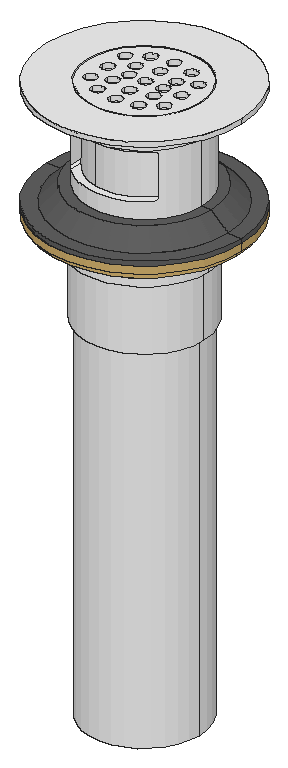
Revit family "Grid_Drain-Sink-American_Standard-Heritage-2411015.002", category Plumbing Fixtures, Revit 2019
Family settings
  Round Connector Dimension = Use Diameter
  Part Type = Normal
  OmniClass Number = 23.70.50.21.24
  OmniClass Title = Waste Water Drains
  Work Plane-Based = Yes
  Always vertical = No
  Cut with Voids When Loaded = No
  Shared = Yes
  Room Calculation Point = No
Parameters (values of type "2411.015")
  Width = 1 1/4"
  Waste Connection = yes
  WFU = 3  # constant formula
  Vent Connection = no
  URL = "https://www.americanstandard.ca/"
  Revised Date = "09/25/2024"
  Product URL = "https://www.americanstandard.ca/mechanical-commercial-fittings/grid-strainer-drain-for-sinks/chrome-2411015002"
  Product Documentation Link = "https://lixil.cdn.celum.cloud/172251_as_us_bath_spec__2411%20(6701)_original.pdf"
  Model = "2411.015"
  Min Max Adjusted Length = if(Input Length < 1 1/4", 1 1/4", if(Input Length > 1 1/2", 1 1/2", Input Length))  # 1 1/4"
  Material = "Brass-American Standard-002-Polished Chrome"
  Manufacturer = "American Standard"
  Installation Type = "Surface Mounted"
  Input Length = 1"
  IAPMO Compliance = "ASME A112.18.2, CSA B 125.2"
  Height = 6 3/8"
  HWFU = 2  # constant formula
  HW Connection = no
  Finish = Brass-American Standard-002-Polished Chrome
  Description = "Grid Strainer Drain for Sinks"
  Default Elevation = 0"
  Cost = 0
  CWFU = 2  # constant formula
  CW Connection = no
  Assembly Code = "D2030400"
Reference planes (in)
  plane 1 "Center (Front/Back)": y = 0
  plane 2: z = 0
  plane 3 "Center (Left/Right)": x = 0
  plane 4: x = -0.625
  plane 5: x = 0.625
  plane 6: z = -6.375
  plane 7: z = -2.375
  plane 8: y = -0.625
  plane 9: y = 0.625
  plane 10: z = -1.25
  plane 11: x = 1.09375
  plane 12: x = -1.09375
  plane 13: z = -2.375
  plane 14: y = 2.1875
  plane 15: y = -2.1875
Forms (in)
  Revolve 1, solid, material "Brass-American Standard-002-Polished Chrome" <- "Finish"
    sketch origin (0, 0, 0) x (1, 0, 0) y (0, 0, 1)
      loop
        line (-0.56247, -6.375) -> (-0.56247, -0.04922) -> (-1.03245, -0.04922) -> (-0.70803, -0.11228) -> (-0.70803, -0.30483) -> (-0.64693, -0.30483) -> (-0.64693, -1.25) -> (-1.09375, -1.25) -> (-1.09375, -1.33077) -> (-1.04563, -1.33077) -> (-1.04563, -1.39477) -> (-0.94497, -1.39477) -> (-0.89497, -1.48139) -> (-0.72442, -1.48139) -> (-0.72442, -1.66674) -> (-0.67037, -1.66674) -> (-0.67037, -2.375) -> (-0.62565, -2.375) -> (-0.62565, -6.375) -> (-0.56247, -6.375)
      axis (0, -0.04922) -> (0, -6.375)
    angle from 0 to 360
  Extrusion 2, solid, material "Brass-American Standard-002-Polished Chrome" <- "Finish"
    sketch origin (0, 0, 0) x (1, 0, 0) y (0, 1, 0)
      loop
        circle (-0.40893, 0.24113) r 0.06875
      loop
        circle (-0.40893, 0.00014) r 0.06875
      loop
        circle (-0.22324, 0.16152) r 0.06875
      loop
        circle (-0.22603, 0.37425) r 0.06875
      loop
        circle (0.00599, 0.4122) r 0.06875
      loop
        circle (0.00599, 0.21578) r 0.06875
      loop
        circle (0.01335, 0.00006) r 0.06875
      loop
        circle (-0.40893, -0.24097) r 0.06875
      loop
        circle (-0.22324, -0.16137) r 0.06875
      loop
        circle (-0.22603, -0.37409) r 0.06875
      loop
        circle (0.00599, -0.41204) r 0.06875
      loop
        circle (0.00599, -0.21562) r 0.06875
      loop
        circle (0.42018, 0.24113) r 0.06875
      loop
        circle (0.42018, 0.00014) r 0.06875
      loop
        circle (0.23449, 0.16152) r 0.06875
      loop
        circle (0.23728, 0.37425) r 0.06875
      loop
        circle (0.42018, -0.24097) r 0.06875
      loop
        circle (0.23449, -0.16137) r 0.06875
      loop
        circle (0.23728, -0.37409) r 0.06875
      loop
        circle (0, 0) r 1.09375
      loop
        circle (0, 0) r 0.63619
      loop
        circle (0.0004, 0) r 0.6254
      loop
        circle (-0.16835, -0.00218) r 0.06875
      loop
        circle (0.21762, -0.00142) r 0.06875
    from -0.04922 to 0
  Extrusion 3, void
    sketch origin (-0.06973, 0, 0) x (1, 0, 0) y (0, 0, 1)
      loop
        arc (-0.40077, -0.3516) -> (-0.41844, -0.35893) -> (-0.42577, -0.3766) r 0.025
        line (-0.42577, -0.3766) -> (-0.42577, -0.83034)
        arc (-0.42577, -0.83034) -> (-0.4189, -0.84692) -> (-0.40233, -0.85378) r 0.02344
        line (-0.40233, -0.85378) -> (0.54022, -0.85378)
        arc (0.54022, -0.85378) -> (0.55679, -0.84692) -> (0.56366, -0.83034) r 0.02344
        line (0.56366, -0.83034) -> (0.56366, -0.37504)
        arc (0.56366, -0.37504) -> (0.55679, -0.35847) -> (0.54022, -0.3516) r 0.02344
        line (0.54022, -0.3516) -> (-0.40077, -0.3516)
    from -0.20478 to 0.68879
  Revolve 4, solid, material "Rubber-American Standard-Black"
    sketch origin (2.75, 0, 0) x (1, 0, 0) y (0, 0, 1)
      loop
        line (-3.375, -1.02615) -> (-3.51428, -1.02615) -> (-3.69105, -1.20293) -> (-3.84375, -1.20293) -> (-3.84375, -1.25) -> (-3.375, -1.25) -> (-3.375, -1.02615)
      axis (-2.75, -1.02615) -> (-2.75, -1.25)
    angle from 0 to 360
Cuts and joins
  Extrusion 3 cuts Revolve 1
Lines and regions (in)
  Masking region 1
    outline origin (0, 0, 0) x (1, 0, 0) y (0, 1, 0)
      loop
        circle (0, 0) r 1.09375
  symbolic lines, detail levels fine
    curve 1: circle (0, 0, 0) r 0.63619 normal (0, 0, -1)
Dimensions and locks (in)
  plane 7 to plane 2 = 2 3/8"
  plane 2 to plane 6 = 6 3/8"
  plane 9 to plane 8 = 1 1/4"
  "Min Max Adjusted Length": plane 2 to plane 10
  plane 2 to plane 13 = 2 3/8"
  Revolve 4 sketch curve to Revolve 4 sketch curve to plane 10 = 0.17678" locked, 0.04707" locked
  plane 14 to plane 1 "Center (Front/Back)" to plane 15 = 2 3/16", 2 3/16"
  plane 14 to plane 15 = 4 3/8"
  plane 4 to plane 5 = 1 1/4"
  "Height": plane 2 to plane 6
  "Width": plane 5 to plane 4
  aligned and locked: plane 10 to Revolve 4 sketch curve
  aligned and locked: Revolve 4 sketch curve to plane 3 "Center (Left/Right)"
  aligned and locked: Extrusion 2 sketch curve to Masking region 1
Automatic sketch dimensions
  plane 4 to Extrusion 3 sketch curve = 0.12951"
  Extrusion 3 sketch curve to Extrusion 3 sketch curve = 3/128"  (x2)
  Extrusion 3 sketch curve to Extrusion 3 sketch curve = 0.025"
  Extrusion 3 sketch curve to plane 5 = 0.15451"  (x2)
  Extrusion 3 sketch curve to plane 10 = 0.39622"
  Extrusion 3 sketch curve to Extrusion 3 sketch curve = 0.45374"
  plane 1 "Center (Front/Back)" to Masking region 1 sketch curve = 0"
  Masking region 1 sketch curve to plane 3 "Center (Left/Right)" = 0"
  Revolve 1 sketch curve to plane 10 = 0"
  plane 12 to Revolve 1 sketch curve = 0"
  Revolve 1 sketch curve to plane 7 = 0"
  Revolve 1 sketch curve to plane 6 = 0"
  Revolve 1 sketch curve to plane 3 "Center (Left/Right)" = 0"
  Revolve 1 sketch curve to plane 12 = 0.04812"
  Revolve 1 sketch curve to plane 12 = 0.0613"
  Revolve 1 sketch curve to Revolve 1 sketch curve = 0.10066"
  Revolve 1 sketch curve to Revolve 1 sketch curve = 0.05001"
  Revolve 1 sketch curve to plane 4 = 0.09942"
  Revolve 1 sketch curve to plane 4 = 0.08303"
  Revolve 1 sketch curve to plane 4 = 0.04537"
  Revolve 1 sketch curve to plane 4 = 0.02193"
  Revolve 1 sketch curve to plane 4 = 0.00065"
  plane 4 to Revolve 1 sketch curve = 0.06253"
  Revolve 1 sketch curve to Revolve 1 sketch curve = 0.064"
  Revolve 1 sketch curve to level = 0.30483"
  Revolve 1 sketch curve to level = 0.11228"
  Revolve 1 sketch curve to level = 0.04922"
  plane 6 to Revolve 1 sketch curve = 0.26526"
  Revolve 1 sketch curve to plane 6 = 0.98474"
  plane 10 to Revolve 1 sketch curve = 0.41674"
  Revolve 1 sketch curve to Revolve 1 sketch curve = 0.18535"
  plane 10 to Revolve 1 sketch curve = 0.14477"
  plane 12 to Revolve 4 sketch curve = 0"
  Revolve 4 sketch curve to plane 4 = 0"
  Revolve 4 sketch curve to plane 12 = 0.1527"
  Revolve 4 sketch curve to Revolve 4 sketch curve = 0.13928"
  plane 6 to Revolve 4 sketch curve = 0.26526"
  Revolve 4 sketch curve to plane 6 = 0.98474"
  plane 1 "Center (Front/Back)" to curve 1 = 0"
  curve 1 to plane 3 "Center (Left/Right)" = 0"
  Extrusion 2 sketch curve to Extrusion 2 sketch curve = 0"  (x42)
  plane 1 "Center (Front/Back)" to Extrusion 2 sketch curve = 0"  (x2)
  plane 1 "Center (Front/Back)" to Extrusion 2 sketch curve = 0.00224"
  Extrusion 2 sketch curve to plane 3 "Center (Left/Right)" = 0.16835"
  Extrusion 2 sketch curve to Extrusion 2 sketch curve = 0.05489"  (x2)
  Extrusion 2 sketch curve to Extrusion 2 sketch curve = 0.00279"  (x4)
  Extrusion 2 sketch curve to Extrusion 2 sketch curve = 0.18569"  (x4)
  Extrusion 2 sketch curve to plane 1 "Center (Front/Back)" = 0.00008"  (x3)
  plane 4 to Extrusion 2 sketch curve = 0.21607"
  Extrusion 2 sketch curve to Extrusion 2 sketch curve = 0.0004"
  plane 3 "Center (Left/Right)" to Extrusion 2 sketch curve = 0.00599"  (x4)
  Extrusion 2 sketch curve to Extrusion 2 sketch curve = 0.01295"
  plane 1 "Center (Front/Back)" to Extrusion 2 sketch curve = 0.00142"
  Extrusion 2 sketch curve to Extrusion 2 sketch curve = 0.20427"
  Extrusion 2 sketch curve to Extrusion 2 sketch curve = 0.01687"  (x2)
  Extrusion 2 sketch curve to Extrusion 2 sketch curve = 0.20256"
  Extrusion 2 sketch curve to Extrusion 2 sketch curve = 0.15989"
  plane 1 "Center (Front/Back)" to Extrusion 2 sketch curve = 0.16131"
  plane 1 "Center (Front/Back)" to Extrusion 2 sketch curve = 0.21556"
  Extrusion 2 sketch curve to Extrusion 2 sketch curve = 0.0796"  (x4)
  Extrusion 2 sketch curve to Extrusion 2 sketch curve = 0.21273"  (x4)
  Extrusion 2 sketch curve to Extrusion 2 sketch curve = 0.19642"  (x2)
  Extrusion 2 sketch curve to plane 1 "Center (Front/Back)" = 0.16147"  (x2)
  Extrusion 2 sketch curve to plane 1 "Center (Front/Back)" = 0.21572"
  Extrusion 2 sketch curve to plane 3 "Center (Left/Right)" = 0.0554"
  Extrusion 2 sketch curve to plane 3 "Center (Left/Right)" = 0.06276"  (x4)
  plane 1 "Center (Front/Back)" to Extrusion 2 sketch curve = 0.0022"
  Extrusion 2 sketch curve to Extrusion 2 sketch curve = 0.04421"
  Extrusion 2 sketch curve to Extrusion 2 sketch curve = 0.06875"  (x30)
  plane 1 "Center (Front/Back)" to Extrusion 2 sketch curve = 0.00216"
  Extrusion 2 sketch curve to plane 1 "Center (Front/Back)" = 0.00016"  (x2)
  Extrusion 2 sketch curve to plane 1 "Center (Front/Back)" = 0.00012"  (x2)
  Extrusion 2 sketch curve to plane 1 "Center (Front/Back)" = 0.00004"
  Extrusion 2 sketch curve to Extrusion 2 sketch curve = 0.00004"  (x16)
  radius of Masking region 1 sketch curve = 1 3/32"
  radius of curve 1 = 0.63619"
  radius of Extrusion 2 sketch curve = 0.63619"
  radius of Extrusion 2 sketch curve = 0.6254"
  radius of Extrusion 2 sketch curve = 0.06875"
Connectors (in)
  piping at (0, 0, -6.375), diameter 1.25, driven by "Width", driven by "WFU"
    settings: on cut or joined group of Revolve 1, Extrusion 3, index 1, connector inside diameter 24", connector length 0", flow factor 0, pipe flow 0 GPM, pressure drop 0.00 psi, fitting loss kfactor 0, connector angle 0°, fixture units 3, engagement length 0", angle of deflection 0°, flow configuration 3, flow direction 2, fitting loss method 0, system type 16, joint type 0, gender type 0, connector reference index -1, connector utility 0, adjustable connector no, is connector primary yes, connector description "1-1/4\" Sanitary Outlet"
